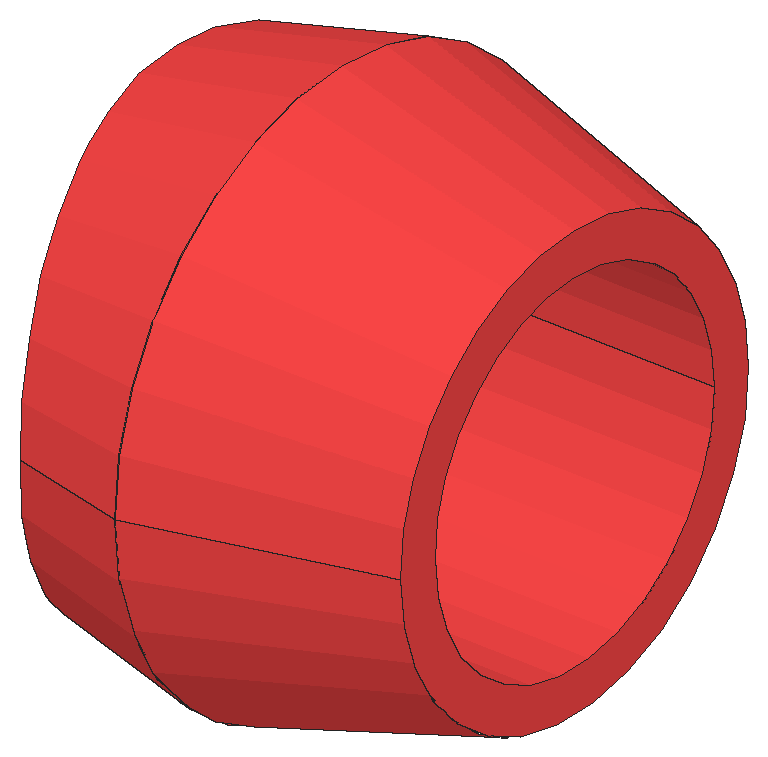
Revit family "Pipe Fitting_Spud - Adjustable_Threadolet_Generic", category Pipe Fittings, Revit 2017
Family settings
  Round Connector Dimension = Use Diameter
  Part Type = Spud - Adjustable
  OmniClass Number = 23.60.30.11.14
  OmniClass Title = Pipework Fittings
  Work Plane-Based = No
  Always vertical = Yes
  Cut with Voids When Loaded = No
  Shared = No
Parameters (values of type "Standard")
  built-in parameter 1114214 [instance] = (empty or 0)
  built-in parameter 1114213 [instance] = (empty or 0)
  built-in parameter 1114215 [instance] = (empty or 0)
  Run Pipe Nominal Diameter Reporting [instance] = Run Pipe Nominal Diameter  # 125 mm
  Run Pipe Nominal Diameter [instance] = 125 mm
  Pipe Nominal Diameter [instance] = 25 mm
  Lookup Table Threadolet = "Pipe Fitting_Spud - Adjustable_Threadolet_Generic"
  Lookup Table Pipe Black Iron = "Pipe - Black Iron"
  built-in parameter 1114238 [instance] = (empty or 0)
Reference planes
  plane 1 "Center (Front/Back)": y = 0
  plane 2: z = 0
  plane 3 "Center (Left/Right)": x = 0
  plane 4: x = 33.337
  plane 5: x = 11.112
  plane 6: x = -121.3
  plane 7: x = 0
  plane 8: x = -60.65
Forms (mm)
  Blend 1, solid
    base sketch origin (0, 0, 0) x (0, 1, 0) y (0, 0, 1)
      loop
        circle (0, 0) r 26.988
    top sketch origin (0, 0, 0) x (0, 1, 0) y (0, 0, 1)
      loop
        circle (0, 0) r 20.701
    from 11.113 to 33.338
  Extrusion 2, void
    sketch origin (0, 0, 0) x (0, 1, 0) y (0, 0, 1)
      loop
        circle (0, 0) r 16.701
    from 11.113 to 33.338
  Blend 3, solid
    base sketch origin (0, 0, 0) x (0, 1, 0) y (0, 0, 1)
      loop
        circle (0, 0) r 10
    top sketch origin (0, 0, 0) x (0, 1, 0) y (0, 0, 1)
      loop
        circle (0, 0) r 26.988
    from -60.65 to 11.113
  Extrusion 4, void
    sketch origin (0, 0, 0) x (1, 0, 0) y (0, 0, 1)
      loop
        circle (-60.65, 0) r 60.65
    from -300 to 300
Cuts and joins
  Extrusion 2 cuts Blend 1
  Extrusion 4 cuts Blend 3
Dimensions and locks
  plane 3 "Center (Left/Right)" to plane 4 = 33.338 mm
  plane 5 to plane 4 = 22.225 mm
  plane 6 to plane 3 "Center (Left/Right)" = 121.3 mm
  equal spacing: plane 6, plane 8, plane 3 "Center (Left/Right)"
  diameter of Blend 1 sketch curve = 53.975 mm
  diameter of Blend 1 sketch curve = 41.401 mm
  diameter of Extrusion 2 sketch curve = 33.401 mm
  diameter of Blend 3 sketch curve = 53.975 mm
  diameter of Extrusion 4 sketch curve = 121.3 mm
  aligned and locked: level to plane 2
  aligned and locked: Blend 1 to Extrusion 2
  aligned and locked: cut or joined group of Blend 1, Extrusion 2 to plane 4
  aligned and locked: plane 5 to cut or joined group of Blend 1, Extrusion 2  (x2)
  aligned and locked: plane 3 "Center (Left/Right)" to plane 7
  aligned and locked: plane 8 to Blend 3
  aligned and locked: plane 8 to Extrusion 4 sketch curve
  aligned and locked: plane 2 to Extrusion 4 sketch curve
  aligned and locked: cut or joined group of Blend 3, Extrusion 4 to plane 5
Automatic sketch dimensions
  Blend 3 sketch curve to level = 0 mm  (x2)
  Blend 3 sketch curve to plane 1 "Center (Front/Back)" = 0 mm  (x2)
  Blend 1 sketch curve to level = 0 mm  (x2)
  Blend 1 sketch curve to plane 1 "Center (Front/Back)" = 0 mm  (x2)
  Extrusion 2 sketch curve to level = 0 mm
  Extrusion 2 sketch curve to plane 1 "Center (Front/Back)" = 0 mm
  radius of Blend 3 sketch curve = 10 mm
Connectors
  piping at (0, 0, 0), diameter 125, driven by "Run Pipe Nominal Diameter Reporting"
    settings: on plane 7, index 1, connector inside diameter 609.6 mm, connector length 0 mm, flow factor 0, pipe flow 0.0 L/s, pressure drop 0.0 Pa, fitting loss kfactor 0, connector angle 0.00°, fixture units 0, engagement length 0 mm, angle of deflection 0.00°, flow configuration 0, flow direction 0, fitting loss method 0, system type 28, joint type 0, gender type 0, connector reference index -1, connector utility 0, adjustable connector no, is connector primary yes, connector description ""
  piping at (11.113, 0, 0), diameter 25, driven by "Pipe Nominal Diameter"
    settings: on plane 5, index 2, connector inside diameter 609.6 mm, connector length 0 mm, flow factor 0, pipe flow 0.0 L/s, pressure drop 0.0 Pa, fitting loss kfactor 0, connector angle 0.00°, fixture units 0, engagement length 0 mm, angle of deflection 0.00°, flow configuration 0, flow direction 0, fitting loss method 0, system type 28, joint type 0, gender type 0, connector reference index -1, connector utility 0, adjustable connector no, is connector primary no, connector description ""
